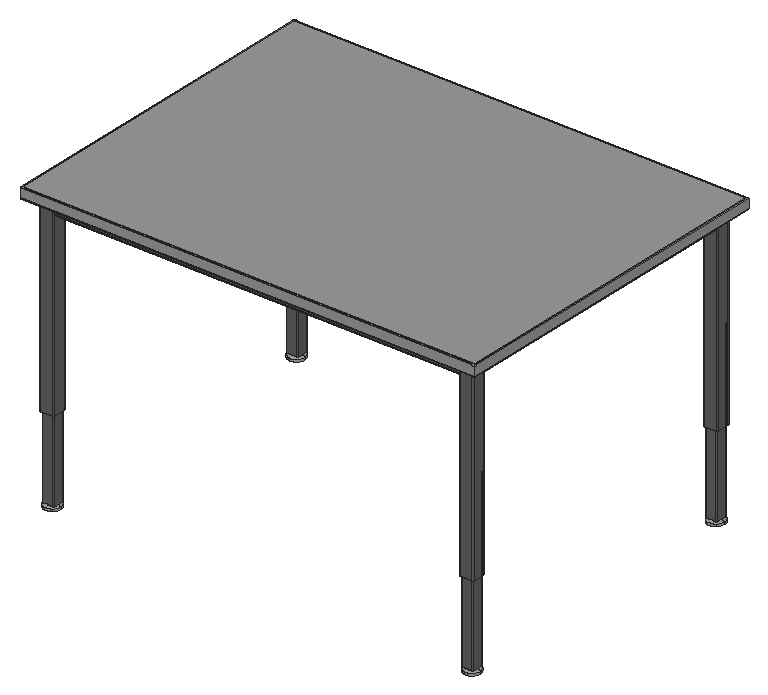
Revit family "Tutor 4836 - Adjustable", category Generic Models, Revit 2018
Family settings
  Can host rebar = No
  Round Connector Dimension = Use Diameter
  Part Type = Normal
  Work Plane-Based = No
  Always vertical = Yes
  Cut with Voids When Loaded = No
  Shared = No
  Room Calculation Point = No
Parameters
  Table Height = 2' - 5"
  Surface = Tutor 4836A Surface
  Frame Finish = Tutor Frame Charcoal
  Edgeband = Tutor 4836A Edgeband
Reference planes (in)
  plane 1 "Center (Front/Back)": y = 0
  plane 2: z = 0
  plane 3 "Center (Left/Right)": x = 0
  plane 4: z = 29
Forms (in)
  Extrusion 1, solid, material "Tutor Frame Charcoal" <- "Frame Finish"
    sketch origin (0, 0, 0) x (1, 0, 0) y (0, 1, 0)
      loop
        arc (-22.51562, 16.625) -> (-22.59296, 16.59296) -> (-22.625, 16.51562) r 0.10937
        line (-22.625, 16.51562) -> (-22.625, 15.48437)
        arc (-22.625, 15.48437) -> (-22.59296, 15.40704) -> (-22.51562, 15.375) r 0.10938
        line (-22.51562, 15.375) -> (-21.48437, 15.375)
        arc (-21.48437, 15.375) -> (-21.40704, 15.40704) -> (-21.375, 15.48437) r 0.10938
        line (-21.375, 15.48437) -> (-21.375, 16.51562)
        arc (-21.375, 16.51562) -> (-21.40704, 16.59296) -> (-21.48437, 16.625) r 0.10938
        line (-21.48437, 16.625) -> (-22.51562, 16.625)
      loop
        line (-22.51562, -16.625) -> (-21.48437, -16.625)
        arc (-21.48437, -16.625) -> (-21.40704, -16.59296) -> (-21.375, -16.51562) r 0.10938
        line (-21.375, -16.51562) -> (-21.375, -15.48437)
        arc (-21.375, -15.48437) -> (-21.40704, -15.40704) -> (-21.48437, -15.375) r 0.10938
        line (-21.48437, -15.375) -> (-22.51562, -15.375)
        arc (-22.51562, -15.375) -> (-22.59296, -15.40704) -> (-22.625, -15.48437) r 0.10938
        line (-22.625, -15.48437) -> (-22.625, -16.51562)
        arc (-22.625, -16.51562) -> (-22.59296, -16.59296) -> (-22.51562, -16.625) r 0.10937
      loop
        line (22.51562, 16.625) -> (21.48437, 16.625)
        arc (21.48437, 16.625) -> (21.40704, 16.59296) -> (21.375, 16.51562) r 0.10938
        line (21.375, 16.51562) -> (21.375, 15.48437)
        arc (21.375, 15.48437) -> (21.40704, 15.40704) -> (21.48437, 15.375) r 0.10938
        line (21.48437, 15.375) -> (22.51562, 15.375)
        arc (22.51562, 15.375) -> (22.59296, 15.40704) -> (22.625, 15.48437) r 0.10938
        line (22.625, 15.48437) -> (22.625, 16.51562)
        arc (22.625, 16.51562) -> (22.59296, 16.59296) -> (22.51562, 16.625) r 0.10937
      loop
        arc (22.51562, -16.625) -> (22.59296, -16.59296) -> (22.625, -16.51562) r 0.10937
        line (22.625, -16.51562) -> (22.625, -15.48437)
        arc (22.625, -15.48437) -> (22.59296, -15.40704) -> (22.51562, -15.375) r 0.10938
        line (22.51562, -15.375) -> (21.48437, -15.375)
        arc (21.48437, -15.375) -> (21.40704, -15.40704) -> (21.375, -15.48437) r 0.10938
        line (21.375, -15.48437) -> (21.375, -16.51562)
        arc (21.375, -16.51562) -> (21.40704, -16.59296) -> (21.48437, -16.625) r 0.10938
        line (21.48437, -16.625) -> (22.51562, -16.625)
    from 0.41992 to 19.41992
  Revolve 2, solid, material "Tutor Glides"
    sketch origin (6, -16, 0) x (1, 0, 0) y (0, 0, 1)
      loop
        line (-28, 0.41992) -> (-28, 0) -> (-27.12763, 0) -> (-27.12763, 0.17255) -> (-27.375, 0.41992) -> (-28, 0.41992)
      axis (-28, 0.41992) -> (-28, 0)
    angle from 0 to 360
  Revolve 3, solid, material "Tutor Glides"
    sketch origin (6, 16, 0) x (1, 0, 0) y (0, 0, -1)
      loop
        line (-28, -0.41992) -> (-27.375, -0.41992) -> (-27.12763, -0.17255) -> (-27.12763, 0) -> (-28, 0) -> (-28, -0.41992)
      axis (-28, -0.41992) -> (-28, 0)
    angle from 0 to 360
  Revolve 4, solid, material "Tutor Glides"
    sketch origin (-6, 16, 0) x (-1, 0, 0) y (0, 0, 1)
      loop
        line (-28, 0.41992) -> (-28, 0) -> (-27.12763, 0) -> (-27.12763, 0.17255) -> (-27.375, 0.41992) -> (-28, 0.41992)
      axis (-28, 0.41992) -> (-28, 0)
    angle from 0 to 360
  Revolve 5, solid, material "Tutor Glides"
    sketch origin (-6, -16, 0) x (-1, 0, 0) y (0, 0, -1)
      loop
        line (-28, -0.41992) -> (-27.375, -0.41992) -> (-27.12763, -0.17255) -> (-27.12763, 0) -> (-28, 0) -> (-28, -0.41992)
      axis (-28, -0.41992) -> (-28, 0)
    angle from 0 to 360
Dimensions and locks (in)
  "Table Height": plane 4 to level
  aligned and locked: plane 2 to level
  aligned and locked: nested 1 to plane 4
Automatic sketch dimensions
  Extrusion 1 sketch curve to plane 1 "Center (Front/Back)" = 1' - 3 31/64"
  Extrusion 1 sketch curve to plane 3 "Center (Left/Right)" = 1' - 10 5/8"
  plane 1 "Center (Front/Back)" to Extrusion 1 sketch curve = 1' - 4 33/64"
  Extrusion 1 sketch curve to Extrusion 1 sketch curve = 0' - 0"  (x3)
  Extrusion 1 sketch curve to Extrusion 1 sketch curve = 0' - 0 7/64"  (x12)
  Extrusion 1 sketch curve to Extrusion 1 sketch curve = 0' - 1 1/32"  (x10)
  plane 1 "Center (Front/Back)" to Extrusion 1 sketch curve = 1' - 3 31/64"
  plane 3 "Center (Left/Right)" to Extrusion 1 sketch curve = 1' - 9 3/8"
  Extrusion 1 sketch curve to Extrusion 1 sketch curve = 0' - 1 9/64"
  Extrusion 1 sketch curve to plane 1 "Center (Front/Back)" = 1' - 3 3/8"
  Revolve 2 sketch curve to level = 0' - 0"
  level to Revolve 2 sketch curve = 0' - 0.41992"
  Revolve 2 sketch curve to plane 3 "Center (Left/Right)" = 1' - 10"
  Revolve 2 sketch curve to Revolve 2 sketch curve = 0' - 0 5/8"
  Revolve 2 sketch curve to Revolve 2 sketch curve = 0' - 0.24737"
  Revolve 2 sketch curve to Revolve 2 sketch curve = 0' - 0.17255"
  Revolve 2 sketch curve to Revolve 2 sketch curve = 0' - 0"  (x2)
  Revolve 2 sketch curve to level = 0' - 0.33008"
  Revolve 3 sketch curve to level = 0' - 0"
  level to Revolve 3 sketch curve = 0' - 0.41992"
  Revolve 3 sketch curve to plane 3 "Center (Left/Right)" = 1' - 10"
  Revolve 3 sketch curve to Revolve 3 sketch curve = 0' - 0 5/8"
  Revolve 3 sketch curve to Revolve 3 sketch curve = 0' - 0.24737"
  Revolve 3 sketch curve to Revolve 3 sketch curve = 0' - 0.17255"
  Revolve 3 sketch curve to Revolve 3 sketch curve = 0' - 0"  (x2)
  Revolve 3 sketch curve to level = 0' - 0.33008"
  Revolve 4 sketch curve to level = 0' - 0"
  level to Revolve 4 sketch curve = 0' - 0.41992"
  plane 3 "Center (Left/Right)" to Revolve 4 sketch curve = 1' - 10"
  Revolve 4 sketch curve to Revolve 4 sketch curve = 0' - 0 5/8"
  Revolve 4 sketch curve to Revolve 4 sketch curve = 0' - 0.24737"
  Revolve 4 sketch curve to Revolve 4 sketch curve = 0' - 0.17255"
  Revolve 4 sketch curve to Revolve 4 sketch curve = 0' - 0"  (x2)
  Revolve 4 sketch curve to level = 0' - 0.33008"
  Revolve 5 sketch curve to level = 0' - 0"
  level to Revolve 5 sketch curve = 0' - 0.41992"
  plane 3 "Center (Left/Right)" to Revolve 5 sketch curve = 1' - 10"
  Revolve 5 sketch curve to Revolve 5 sketch curve = 0' - 0 5/8"
  Revolve 5 sketch curve to Revolve 5 sketch curve = 0' - 0.24737"
  Revolve 5 sketch curve to Revolve 5 sketch curve = 0' - 0.17255"
  Revolve 5 sketch curve to Revolve 5 sketch curve = 0' - 0"  (x2)
  Revolve 5 sketch curve to level = 0' - 0.33008"
Nested families (in)
  nested 1: "Tutor 4836A Top" at (0, 0, -6.54492), type "Tutor 4836A Top"
Definition of nested family "Tutor 4836A Top"
  Parameters (values of type "Tutor 4836A Top")
    Surface = none
    Frame Finish = none
    Edgeband = none
  Reference planes (in)
    plane 1 "Center (Front/Back)": y = 0
    plane 2: z = 0
    plane 3 "Center (Left/Right)": x = 0
  Forms (in)
    Extrusion 1, solid, material <- "Frame Finish"
      sketch origin (0, 0, 0) x (1, 0, 0) y (0, 0, 1)
        loop
          arc (-21.35, 34.29492) -> (-21.27929, 34.32421) -> (-21.25, 34.39492) r 0.1
          line (-21.25, 34.39492) -> (-21.25, 35.44492)
          arc (-21.25, 35.44492) -> (-21.27929, 35.51563) -> (-21.35, 35.54492) r 0.1
          line (-21.35, 35.54492) -> (-22.4, 35.54492)
          arc (-22.4, 35.54492) -> (-22.47071, 35.51563) -> (-22.5, 35.44492) r 0.1
          line (-22.5, 35.44492) -> (-22.5, 34.39492)
          arc (-22.5, 34.39492) -> (-22.47071, 34.32421) -> (-22.4, 34.29492) r 0.1
          line (-22.4, 34.29492) -> (-21.35, 34.29492)
        loop
          line (21.35, 34.29492) -> (22.4, 34.29492)
          arc (22.4, 34.29492) -> (22.47071, 34.32421) -> (22.5, 34.39492) r 0.1
          line (22.5, 34.39492) -> (22.5, 35.44492)
          arc (22.5, 35.44492) -> (22.47071, 35.51563) -> (22.4, 35.54492) r 0.1
          line (22.4, 35.54492) -> (21.35, 35.54492)
          arc (21.35, 35.54492) -> (21.27929, 35.51563) -> (21.25, 35.44492) r 0.1
          line (21.25, 35.44492) -> (21.25, 34.39492)
          arc (21.25, 34.39492) -> (21.27929, 34.32421) -> (21.35, 34.29492) r 0.1
      from -15.25 to 15.25
    Extrusion 2, solid, material <- "Frame Finish"
      sketch origin (0, 0, 0) x (0, 1, 0) y (0, 0, 1)
        loop
          arc (16.4, 34.29492) -> (16.47071, 34.32421) -> (16.5, 34.39492) r 0.1
          line (16.5, 34.39492) -> (16.5, 35.44492)
          arc (16.5, 35.44492) -> (16.47071, 35.51563) -> (16.4, 35.54492) r 0.1
          line (16.4, 35.54492) -> (15.35, 35.54492)
          arc (15.35, 35.54492) -> (15.27929, 35.51563) -> (15.25, 35.44492) r 0.1
          line (15.25, 35.44492) -> (15.25, 34.39492)
          arc (15.25, 34.39492) -> (15.27929, 34.32421) -> (15.35, 34.29492) r 0.1
          line (15.35, 34.29492) -> (16.4, 34.29492)
        loop
          line (-16.4, 34.29492) -> (-15.35, 34.29492)
          arc (-15.35, 34.29492) -> (-15.27929, 34.32421) -> (-15.25, 34.39492) r 0.1
          line (-15.25, 34.39492) -> (-15.25, 35.44492)
          arc (-15.25, 35.44492) -> (-15.27929, 35.51563) -> (-15.35, 35.54492) r 0.1
          line (-15.35, 35.54492) -> (-16.4, 35.54492)
          arc (-16.4, 35.54492) -> (-16.47071, 35.51563) -> (-16.5, 35.44492) r 0.1
          line (-16.5, 35.44492) -> (-16.5, 34.39492)
          arc (-16.5, 34.39492) -> (-16.47071, 34.32421) -> (-16.4, 34.29492) r 0.1
      from -21.25 to 21.25
    Extrusion 3, solid, material <- "Surface"
      sketch origin (0, 0, 0) x (1, 0, 0) y (0, 1, 0)
        loop
          line (23.73189, 17.79339) -> (-23.73189, 17.79339) -> (-23.73189, -17.79339) -> (23.73189, -17.79339) -> (23.73189, 17.79339)
      from 35.54492 to 36.74492
    Sweep 4, solid, material <- "Edgeband"
      path origin (0, 0, 0) x (1, 0, 0) y (0, 1, 0)
        loop
          line (23.73189, 17.79339) -> (-23.73189, 17.79339) -> (-23.73189, -17.79339) -> (23.73189, -17.79339) -> (23.73189, 17.79339)
      profile origin (0, 17.79339, 0) x (0, -1, 0) y (0, 0, 1)
        loop
          arc (0, 36.74492) -> (-0.08352, 36.71033) -> (-0.11811, 36.62681) r 0.11811
          line (-0.11811, 36.62681) -> (-0.11811, 35.66303)
          arc (-0.11811, 35.66303) -> (-0.08352, 35.57952) -> (0, 35.54492) r 0.11811
          line (0, 35.54492) -> (0, 36.74492)
    Extrusion 5, solid, material <- "Frame Finish"
      sketch origin (0, 0, 0) x (1, 0, 0) y (0, 1, 0)
        loop
          arc (21.375, 16.75) -> (21.28661, 16.71339) -> (21.25, 16.625) r 0.125
          line (21.25, 16.625) -> (21.25, 15.375)
          arc (21.25, 15.375) -> (21.28661, 15.28661) -> (21.375, 15.25) r 0.125
          line (21.375, 15.25) -> (22.625, 15.25)
          arc (22.625, 15.25) -> (22.71339, 15.28661) -> (22.75, 15.375) r 0.125
          line (22.75, 15.375) -> (22.75, 16.625)
          arc (22.75, 16.625) -> (22.71339, 16.71339) -> (22.625, 16.75) r 0.125
          line (22.625, 16.75) -> (21.375, 16.75)
        loop
          line (21.375, -16.75) -> (22.625, -16.75)
          arc (22.625, -16.75) -> (22.71339, -16.71339) -> (22.75, -16.625) r 0.125
          line (22.75, -16.625) -> (22.75, -15.375)
          arc (22.75, -15.375) -> (22.71339, -15.28661) -> (22.625, -15.25) r 0.125
          line (22.625, -15.25) -> (21.375, -15.25)
          arc (21.375, -15.25) -> (21.28661, -15.28661) -> (21.25, -15.375) r 0.125
          line (21.25, -15.375) -> (21.25, -16.625)
          arc (21.25, -16.625) -> (21.28661, -16.71339) -> (21.375, -16.75) r 0.125
        loop
          line (-21.375, 16.75) -> (-22.625, 16.75)
          arc (-22.625, 16.75) -> (-22.71339, 16.71339) -> (-22.75, 16.625) r 0.125
          line (-22.75, 16.625) -> (-22.75, 15.375)
          arc (-22.75, 15.375) -> (-22.71339, 15.28661) -> (-22.625, 15.25) r 0.125
          line (-22.625, 15.25) -> (-21.375, 15.25)
          arc (-21.375, 15.25) -> (-21.28661, 15.28661) -> (-21.25, 15.375) r 0.125
          line (-21.25, 15.375) -> (-21.25, 16.625)
          arc (-21.25, 16.625) -> (-21.28661, 16.71339) -> (-21.375, 16.75) r 0.125
        loop
          arc (-21.375, -16.75) -> (-21.28661, -16.71339) -> (-21.25, -16.625) r 0.125
          line (-21.25, -16.625) -> (-21.25, -15.375)
          arc (-21.25, -15.375) -> (-21.28661, -15.28661) -> (-21.375, -15.25) r 0.125
          line (-21.375, -15.25) -> (-22.625, -15.25)
          arc (-22.625, -15.25) -> (-22.71339, -15.28661) -> (-22.75, -15.375) r 0.125
          line (-22.75, -15.375) -> (-22.75, -16.625)
          arc (-22.75, -16.625) -> (-22.71339, -16.71339) -> (-22.625, -16.75) r 0.125
          line (-22.625, -16.75) -> (-21.375, -16.75)
      from 15.54492 to 35.54492
  Dimensions and locks (in)
    aligned and locked: plane 2 to level
